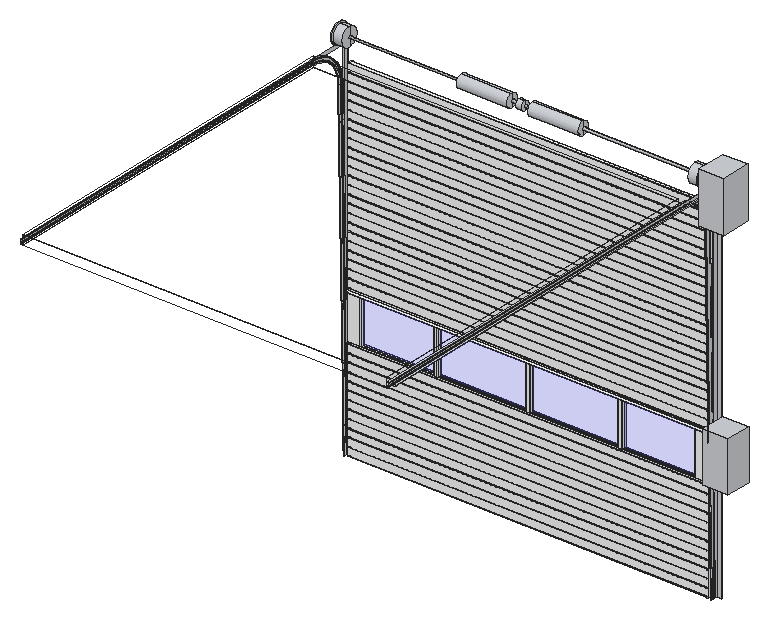
Revit family "EX3717 Complete Door - DraftA", category Doors, host Wall, Revit 2022
Family settings
  Host = Wall
  OmniClass Number = 23.30.10.17.37.14
  OmniClass Title = Sectional Overhead Doors
  Always vertical = Yes
  Cut with Voids When Loaded = No
  Shared = No
  Room Calculation Point = No
Parameters (values of type "By Type")
  Windload = "Doors available rated for various design pressures; consult Clopay for avaialbility and specifications"
  VisSection6 = NumSections = 6  # no
  VisSection5 = NumSections > 4  # yes
  VisSection4 = NumSections > 3  # yes
  VisSection3 = NumSections > 2  # yes
  VisArray = NumSections > 6  # yes
  URL = "www.clopaydoor.com"
  Track Type = Track - Standard Lift : 15" Radius
  Track = "Galvanized steel (gauge varies according to door size)"
  Thickness = 0' - 1 3/4"  # constant formula
  Spec Wizard = "http://www.arcat.com/specwizard/08360clo/index.htm"
  Section Height = Height / NumSections  # 2' - 0"
  Section 5 Glazing = Section : Solid
  Section 4 Glazing = Section : Solid
  Section 3 Glazing = Full Vision Section : Intermediate
  Sales Information = "http://www.clopaydoor.com/where-to-buy.aspx?type=dealer"
  Rough Width = 0' - 0"  # constant formula
  Rough Height = 0' - 0"  # constant formula
  R-Value = "15.05"
  Product Features and Benefits = "http://www.clopaydoor.com/insulated-polyurethane-applications.aspx"
  Overlapping Jamb = yes
  Overlap = if(Overlapping Jamb, 0' 1", 0' 0")  # 0' - 1"
  Opening Width = 14' - 2"
  Opening Height = 14' - 0"
  Opener - Right Side = yes
  Opener - Left Side = not([Opener - Right Side])  # no
  Omniclass Table = "23-30 10 17 37 "
  NumSectionsNotRounded = Height / 2' 0"  # 7
  NumSections = NumSectionsNotRounded + 0.4999  # 7
  NumArraySections = if(NumSections > 6, NumSections - 5, 2)  # 2
  Model = "3715"
  Minimum Size = "8' 0'' wide x 7' 0'' high"  # constant formula
  Maximum Size = "16' 2'' wide x 14' 0'' high"  # constant formula
  Maximum High Lift = "10' 0''"  # constant formula
  Manufacturer Website = "http://www.clopaydoor.com"
  Manufacturer Phone Number = "1-800-526-4301"
  Manufacturer Address = "1400 W. Market St., Troy, OH 45373"
  Manufacturer = "Clopay Building Products Company"
  LEED = "http://products.construction.com/swts_content_files/151607/303186.pdf"
  Keynote = "08 36 13"
  Interior Steel = "27 ga. galvanized, primed, and finish painted"
  High Lift = 4' - 0"
  Hardware = "14 ga. min. steel hinges; 10-ball steel rollers"
  GreenFormat = "http://www.greenformat.com/products/1536-Polyurethane%20Insulated%20Doors.rtf"
  Function = Interior
  Height = Opening Height + Rough Width * 0  # 14' - 0"
  Wall Closure = By host
  Width = Opening Width + Rough Width * 0  # 14' - 2"
  FloorToSection7 = 6 * Section Height  # 12' - 0"
  FloorToSection6 = 5 * Section Height  # 10' - 0"
  FloorToSection5 = 4 * Section Height  # 8' - 0"
  FloorToSection4 = 3 * Section Height  # 6' - 0"
  FloorToSection3 = 2 * Section Height  # 4' - 0"
  FloorToSection2 = Section Height  # 2' - 0"
  File Revision = "02 (August, 2012)"
  Exterior Steel = "27 ga. galvanized, primed, and finish painted"
  Double End Stiles = 1 = 1  # yes
  Door Width = Opening Width + Overlap * 2  # 14' - 4"
  Door Height = Opening Height + Rough Width * 0  # 14' - 0"
  Description = "1-3/8'' thick polyurethane insulated, stucco embossed 27 gauge steel exterior with light ribbed pattern."
  Core Material = "Expanded polyurethane"
  Copyright = "2010, Clopay Building Products Company, Inc."
  Control Box - Right Side = [Opener - Right Side]  # yes
  Control Box - Left Side = [Opener - Left Side]  # no
  Color = White
  CAD and Specifications = "http://www.clopaydoor.com/insulated-polyurethane-specs.aspx"
  Assembly Code = "B2030410"
Reference planes (in)
  plane 1 "Center (Front/Back)": y = 0
  plane 2 "Center (Left/Right)": x = 0
  plane 3 "Left": x = -85
  plane 4 "Right": x = 85
  plane 5 "Top": z = 168
  plane 6 "Exterior": y = 3
  plane 7 "Interior": y = -3
  plane 8: z = 120
  plane 9: z = 144
Lines and regions (in)
  Opening 1
    outline origin (-90, -3, 0) x (1, 0, 0) y (0, 0, 1)
      loop
        line (5, 0) -> (175, 0) -> (175, 168) -> (5, 168) -> (5, 0)
Text (in)
  text "Exterior" at (-74.96733, 27.31104, 0), in view "Ref. Level"
  text "Interior" at (-74.96733, -25.14366, 0), in view "Ref. Level"
  text "Exterior" at (0, 40.15149, 123.01588), in view "Right"
  text "Interior" at (0, -64.39139, 123.01588), in view "Right"
  text "Interior" at (0, -31.01599, 123.00693), in view "Left"
  text "Exterior" at (0, 54.57065, 123.00693), in view "Left"
Dimensions and locks (in)
  equal spacing: plane 3 "Left", plane 2 "Center (Left/Right)", plane 4 "Right"
  "Height": level to plane 5 "Top"
  "Width": plane 3 "Left" to plane 4 "Right"
  host wall to plane 5 "Top" = 14' - 0"
  nested 1 to plane 7 "Interior" = 0' - 0 1/2"
  "FloorToSection6": plane 8 to level
  "FloorToSection7": plane 9 to level
  group 1 to group 2 = 0' - 0"  (x2)
  group 1 to group 2 = 2' - 0"
  host wall to host wall = 67' - 6"
  aligned and locked: plane 3 "Left" to Opening 1 sketch curve
  aligned and locked: plane 5 "Top" to Opening 1 sketch curve
  aligned and locked: Opening 1 sketch curve to plane 5 "Top"
  aligned and locked: Opening 1 sketch curve to plane 4 "Right"
  aligned and locked: Opening 1 sketch curve to level
  aligned and locked: plane 6 "Exterior" to host wall
  aligned and locked: host wall to plane 7 "Interior"
  aligned and locked: plane 2 "Center (Left/Right)" to nested 2
  aligned and locked: plane 2 "Center (Left/Right)" to nested 3
  aligned and locked: plane 2 "Center (Left/Right)" to nested 4
  aligned and locked: plane 2 "Center (Left/Right)" to nested 5
  aligned and locked: plane 2 "Center (Left/Right)" to nested 7
  aligned and locked: nested 7 to plane 8
  aligned and locked: nested 8 to plane 9
  aligned and locked: plane 7 "Interior" to nested 2
  aligned and locked: plane 7 "Interior" to nested 7
  aligned and locked: host wall to nested 8
  aligned and locked: plane 7 "Interior" to nested 3
  aligned and locked: host wall to nested 3
  aligned and locked: plane 7 "Interior" to nested 1
  aligned and locked: nested 2 to host wall
  aligned and locked: plane 7 "Interior" to nested 6
  aligned and locked: plane 7 "Interior" to nested 5
  aligned and locked: host wall to nested 7
  aligned and locked: plane 7 "Interior" to nested 4
  aligned and locked: nested 11 to plane 2 "Center (Left/Right)"
Nested families (in)
  nested 1: "Section" at (0, 0, 0), type "Solid"
    with X9 0' - 8 1/2", X8 0' - 8 1/2", X7 0' - 8 1/2", X6 0' - 8 1/2", X5 0' - 8 1/2", X4 11' - 8 1/2", X3 8' - 0 1/2", X2 4' - 4 1/2", WindowVis no, WindowSpacing 3' - 8", WindowCutDepth -0' - 0 13/128", NumWindows 4, NumArrayedWindows 4, Half Door Width Neg -7' - 2", Half Door Width 7' - 2", Half Cutout Height 0' - 3 1/2", X1 0' - 8 1/2", Door Width 14' - 4", Cutout Height 0' - 7"
  nested 2: "Section" at (0, 0, 24), built-in parameter 1001364 <- "Section Height", type "Solid"
    with X9 0' - 8 1/2", X8 0' - 8 1/2", X7 0' - 8 1/2", X6 0' - 8 1/2", X5 0' - 8 1/2", X4 11' - 8 1/2", X3 8' - 0 1/2", X2 4' - 4 1/2", WindowVis no, WindowSpacing 3' - 8", WindowCutDepth -0' - 0 13/128", NumWindows 4, NumArrayedWindows 4, Half Door Width Neg -7' - 2", Half Door Width 7' - 2", Half Cutout Height 0' - 3 1/2", X1 0' - 8 1/2", Door Width 14' - 4", Cutout Height 0' - 7"
  nested 3: "Full Vision Section" at (0, 0, 48), type <- "Section 3 Glazing", built-in parameter 1001364 <- "FloorToSection3", visible <- "VisSection3", type "Intermediate"
    with SingleStileVis no, Rail Width 14' - 3 13/16", NumIntStiles 3, Half Rail Width 7' - 1 29/32", Half Door Width 7' - 2", Glass Width 14' - 2 13/16", End Stile Face 0' - 6", Edge to 1st Int Stile 3' - 6", Double End Stiles yes, Door Width 14' - 4", ArrayStileVis yes, ArrayIntStiles 3
  nested 4: "Section" at (0, 0, 120), built-in parameter 1001364 <- "FloorToSection6", visible <- "VisSection6", type "Solid"
    with X9 0' - 8 1/2", X8 0' - 8 1/2", X7 0' - 8 1/2", X6 0' - 8 1/2", X5 0' - 8 1/2", X4 11' - 8 1/2", X3 8' - 0 1/2", X2 4' - 4 1/2", WindowVis no, WindowSpacing 3' - 8", WindowCutDepth -0' - 0 13/128", NumWindows 4, NumArrayedWindows 4, Half Door Width Neg -7' - 2", Half Door Width 7' - 2", Half Cutout Height 0' - 3 1/2", X1 0' - 8 1/2", Door Width 14' - 4", Cutout Height 0' - 7"
  nested 5: "Section" at (0, 0, 96), built-in parameter 1001364 <- "FloorToSection5", type <- "Section 5 Glazing", visible <- "VisSection5", type "Solid"
    with X9 0' - 8 1/2", X8 0' - 8 1/2", X7 0' - 8 1/2", X6 0' - 8 1/2", X5 0' - 8 1/2", X4 11' - 8 1/2", X3 8' - 0 1/2", X2 4' - 4 1/2", WindowVis no, WindowSpacing 3' - 8", WindowCutDepth -0' - 0 13/128", NumWindows 4, NumArrayedWindows 4, Half Door Width Neg -7' - 2", Half Door Width 7' - 2", Half Cutout Height 0' - 3 1/2", X1 0' - 8 1/2", Door Width 14' - 4", Cutout Height 0' - 7"
  nested 6: "Section" at (0, 0, 72), type <- "Section 4 Glazing", built-in parameter 1001364 <- "FloorToSection4", visible <- "VisSection4", type "Solid"
    with X9 0' - 8 1/2", X8 0' - 8 1/2", X7 0' - 8 1/2", X6 0' - 8 1/2", X5 0' - 8 1/2", X4 11' - 8 1/2", X3 8' - 0 1/2", X2 4' - 4 1/2", WindowVis no, WindowSpacing 3' - 8", WindowCutDepth -0' - 0 13/128", NumWindows 4, NumArrayedWindows 4, Half Door Width Neg -7' - 2", Half Door Width 7' - 2", Half Cutout Height 0' - 3 1/2", X1 0' - 8 1/2", Door Width 14' - 4", Cutout Height 0' - 7"
  nested 7: "Section" at (0, 0, 120), visible <- "VisArray", type "Solid"
    with X9 0' - 8 1/2", X8 0' - 8 1/2", X7 0' - 8 1/2", X6 0' - 8 1/2", X5 0' - 8 1/2", X4 11' - 8 1/2", X3 8' - 0 1/2", X2 4' - 4 1/2", WindowVis no, WindowSpacing 3' - 8", WindowCutDepth -0' - 0 13/128", NumWindows 4, NumArrayedWindows 4, Half Door Width Neg -7' - 2", Half Door Width 7' - 2", Half Cutout Height 0' - 3 1/2", X1 0' - 8 1/2", Door Width 14' - 4", Cutout Height 0' - 7"
  nested 8: "Section" at (0, 0, 144), visible <- "VisArray", type "Solid"
    with X9 0' - 8 1/2", X8 0' - 8 1/2", X7 0' - 8 1/2", X6 0' - 8 1/2", X5 0' - 8 1/2", X4 11' - 8 1/2", X3 8' - 0 1/2", X2 4' - 4 1/2", WindowVis no, WindowSpacing 3' - 8", WindowCutDepth -0' - 0 13/128", NumWindows 4, NumArrayedWindows 4, Half Door Width Neg -7' - 2", Half Door Width 7' - 2", Half Cutout Height 0' - 3 1/2", X1 0' - 8 1/2", Door Width 14' - 4", Cutout Height 0' - 7"
  nested 9: "Section" at (0, 4.67704, 636.93806), type "Windows - 24x8", not visible
    with X9 0' - 8 1/2", X8 0' - 8 1/2", X7 0' - 8 1/2", X6 0' - 8 1/2", X5 0' - 8 1/2", X4 11' - 8 1/2", X3 8' - 0 1/2", X2 4' - 4 1/2", WindowSpacing 3' - 8", NumWindows 4, NumArrayedWindows 4, Half Door Width Neg -7' - 2", Half Door Width 7' - 2", Half Cutout Height 0' - 3 1/2", X1 0' - 8 1/2", Door Width 14' - 4", Cutout Height 0' - 7"
  nested 10: "Section" at (0, 4.63986, 609.3176), type "Windows - 24x12", not visible
    with X9 0' - 8 1/2", X8 0' - 8 1/2", X7 0' - 8 1/2", X6 0' - 8 1/2", X5 0' - 8 1/2", X4 11' - 8 1/2", X3 8' - 0 1/2", X2 4' - 4 1/2", WindowSpacing 3' - 8", NumWindows 4, NumArrayedWindows 4, Half Door Width Neg -7' - 2", Half Door Width 7' - 2", X1 0' - 8 1/2", Door Width 14' - 4"
  nested 11: "Track - Standard Lift" at (0, 0, 0) x (-1, 0, 0) z (0, 0, 1), type <- "Track Type", type "15" Radius"
    with TrackToTrack 14' - 6", Door Width 14' - 4", CenterToLHTrack 7' - 3", CenterToRHTrack -7' - 3", CenterToJackShaft 7' - 7"
Definition of nested family "Section"
  Parameters
    X9 = if(if(NumArrayedWindows < NumWindows, NumArrayedWindows + 1, NumWindows) < 9, X1, X8 + WindowSpacing)  # 0' - 4 1/2"
    X8 = if(if(NumArrayedWindows < NumWindows, NumArrayedWindows + 1, NumWindows) < 8, X1, X7 + WindowSpacing)  # 0' - 4 1/2"
    X7 = if(if(NumArrayedWindows < NumWindows, NumArrayedWindows + 1, NumWindows) < 7, X1, X6 + WindowSpacing)  # 0' - 4 1/2"
    X6 = if(if(NumArrayedWindows < NumWindows, NumArrayedWindows + 1, NumWindows) < 6, X1, X5 + WindowSpacing)  # 0' - 4 1/2"
    X5 = if(if(NumArrayedWindows < NumWindows, NumArrayedWindows + 1, NumWindows) < 5, X1, X4 + WindowSpacing)  # 0' - 4 1/2"
    X4 = if(if(NumArrayedWindows < NumWindows, NumArrayedWindows + 1, NumWindows) < 4, X1, X3 + WindowSpacing)  # 0' - 4 1/2"
    X3 = if(NumWindows < 3, X1, X2 + WindowSpacing)  # 7' - 0 1/2"
    X2 = if(NumWindows < 2, ((Door Width - (NumWindows - 1) * WindowSpacing) / 2 - Cutout Width / 2), ((Door Width - (NumWindows - 1) * WindowSpacing) / 2 - Cutout Width / 2) + WindowSpacing)  # 3' - 8 1/2"
    Windows = 37xx Window Array : 24x12
    WindowVis = yes
    WindowSpacing = if(and(Door Width < 10' 0", Door Width > 9' 2"), 3' 4", 3' 8")  # 3' - 4"
    WindowCutDepth = 0' - 2"
    Section Height = 2' - 0"
    RibSpacing = Section Height / (NumRibs + 1)  # 0' - 4"
    NumWindows = if(Door Width < 9' 4", 2, if(Door Width < 13' 4", 3, if(Door Width < 16' 4", 4, if(Door Width < 20' 4", 5, if(Door Width < 24' 4", 6, if(Door Width < 26' 4", 7, if(Door Width < 31' 8", 8, 10)))))))  # 3
    NumRibs = if(Section Height < 1' 9", 3, if(Section Height < 2' 0", 4, 5))  # 5
    NumArrayedWindows = if(X2 = X1, NumWindows - 2, NumWindows)  # 3
    Half Section Height = Section Height / 2  # 1' - 0"
    Half Door Width Neg = -Half Door Width  # -4' - 8"
    Half Door Width = Door Width / 2  # 4' - 8"
    Half Cutout Height = Cutout Height / 2  # 0' - 5 1/2"
    Function = (empty or 0)
    Height = 0' - 0"
    Wall Closure = (empty or 0)
    Width = 0' - 0"
    X1 = if(or(Door Width > 31' 6", and(Door Width > 26' 2", Door Width < 28' 1"), Door Width = 24' 3", Door Width = 24' 4", and(Door Width > 20' 2", Door Width < 20' 11"), and(Door Width > 16' 2", Door Width < 17' 3")), X2, (Door Width - (NumWindows - 1) * WindowSpacing) / 2 - Cutout Width / 2)  # 0' - 4 1/2"
    Door Width = 9' - 4"
    CutoutToCutout = 1' - 0"
    Cutout Width = 1' - 11"
    Cutout Height = 0' - 11"
    Color = none
    BtmTo1stRib = RibSpacing  # 0' - 4"
    Assembly Code = ""
  Reference planes (in)
    plane 1 "Center (Front/Back)": y = 0
    plane 2 "Center (Left/Right)": x = 0
    plane 3 "Exterior": y = 3
    plane 4 "Interior": y = -3
    plane 5: y = -3.5
    plane 6: x = 56
    plane 7: x = -56
    plane 8: z = 4
    plane 9: z = 8
    plane 10: z = 24
    plane 11: z = 12
    plane 12: z = 0
  Forms (in)
    Extrusion 1, solid, material <- "Color"
      sketch origin (-56, -12, 83.08252) x (0, 0, 1) y (0, -1, 0)
        loop
          line (-59.08252, -8.37573) -> (-59.08252, -6.62444)
          arc (-59.08252, -6.62444) -> (-59.11897, -6.53645) -> (-59.20696, -6.5) r 0.12444
          line (-59.20696, -6.5) -> (-82.95809, -6.5)
          arc (-82.95809, -6.5) -> (-83.04608, -6.53645) -> (-83.08252, -6.62444) r 0.12444
          line (-83.08252, -6.62444) -> (-83.08252, -8.37573)
          arc (-83.08252, -8.37573) -> (-83.04612, -8.4636) -> (-82.95825, -8.5) r 0.12427
          line (-82.95825, -8.5) -> (-59.20679, -8.5)
          arc (-59.20679, -8.5) -> (-59.11892, -8.4636) -> (-59.08252, -8.37573) r 0.12427
      from 0 to 112 <- "Door Width"
    Extrusion 2, void
      sketch origin (0, 0, -0.5) x (0, -1, 0) y (0, 0, 1)
        loop
          line (3.5, 4.62727) -> (3.5, 4.37273) -> (3.53032, 4.41942)
          arc (3.53032, 4.41942) -> (3.53753, 4.43506) -> (3.54, 4.4521) r 0.06
          line (3.54, 4.4521) -> (3.54, 4.5479)
          arc (3.54, 4.5479) -> (3.53753, 4.56494) -> (3.53032, 4.58058) r 0.06
          line (3.53032, 4.58058) -> (3.5, 4.62727)
      from -56 <- "Half Door Width Neg" to 112 <- "Door Width"
    Extrusion 3, void
      sketch origin (0, 0, 3.5) x (0, -1, 0) y (0, 0, 1)
        loop
          line (3.5, 4.62727) -> (3.5, 4.37273) -> (3.53032, 4.41942)
          arc (3.53032, 4.41942) -> (3.53753, 4.43506) -> (3.54, 4.4521) r 0.06
          line (3.54, 4.4521) -> (3.54, 4.5479)
          arc (3.54, 4.5479) -> (3.53753, 4.56494) -> (3.53032, 4.58058) r 0.06
          line (3.53032, 4.58058) -> (3.5, 4.62727)
      from -56 <- "Half Door Width Neg" to 112 <- "Door Width"
    Extrusion 4, void
      sketch origin (0, 0, 7.5) x (0, -1, 0) y (0, 0, 1)
        loop
          line (3.5, 4.62727) -> (3.5, 4.37273) -> (3.53032, 4.41942)
          arc (3.53032, 4.41942) -> (3.53753, 4.43506) -> (3.54, 4.4521) r 0.06
          line (3.54, 4.4521) -> (3.54, 4.5479)
          arc (3.54, 4.5479) -> (3.53753, 4.56494) -> (3.53032, 4.58058) r 0.06
          line (3.53032, 4.58058) -> (3.5, 4.62727)
      from -56 <- "Half Door Width Neg" to 112 <- "Door Width"
    Extrusion 5, void
      sketch origin (0, -8.99984, -0.5) x (0, 1, 0) y (0, 0, -1)
        loop
          line (3.5, -4.62727) -> (3.53032, -4.58058)
          arc (3.53032, -4.58058) -> (3.53753, -4.56494) -> (3.54, -4.5479) r 0.06
          line (3.54, -4.5479) -> (3.54, -4.4521)
          arc (3.54, -4.4521) -> (3.53753, -4.43506) -> (3.53032, -4.41942) r 0.06
          line (3.53032, -4.41942) -> (3.5, -4.37273) -> (3.5, -4.62727)
      from -56 <- "Half Door Width Neg" to 112 <- "Door Width"
    Extrusion 6, void
      sketch origin (0, -8.99984, 3.5) x (0, 1, 0) y (0, 0, -1)
        loop
          line (3.5, -4.62727) -> (3.53032, -4.58058)
          arc (3.53032, -4.58058) -> (3.53753, -4.56494) -> (3.54, -4.5479) r 0.06
          line (3.54, -4.5479) -> (3.54, -4.4521)
          arc (3.54, -4.4521) -> (3.53753, -4.43506) -> (3.53032, -4.41942) r 0.06
          line (3.53032, -4.41942) -> (3.5, -4.37273) -> (3.5, -4.62727)
      from -56 <- "Half Door Width Neg" to 112 <- "Door Width"
    Extrusion 7, void
      sketch origin (0, -8.99984, 7.5) x (0, 1, 0) y (0, 0, -1)
        loop
          line (3.5, -4.62727) -> (3.53032, -4.58058)
          arc (3.53032, -4.58058) -> (3.53753, -4.56494) -> (3.54, -4.5479) r 0.06
          line (3.54, -4.5479) -> (3.54, -4.4521)
          arc (3.54, -4.4521) -> (3.53753, -4.43506) -> (3.53032, -4.41942) r 0.06
          line (3.53032, -4.41942) -> (3.5, -4.37273) -> (3.5, -4.62727)
      from -56 <- "Half Door Width Neg" to 112 <- "Door Width"
    Extrusion 8, void
      sketch origin (-98.15385, -3.5, 48) x (1, 0, 0) y (0, 0, 1)
        loop
          line (149.65385, -30.5) -> (126.65385, -30.5) -> (126.65385, -36) -> (149.65385, -36) -> (149.65385, -30.5)
      from 0 to 2 <- "WindowCutDepth"
    Extrusion 9, void
      sketch origin (-98.15385, -3.5, -24) x (1, 0, 0) y (0, 0, 1)
        loop
          line (149.65385, 30.5) -> (149.65385, 36) -> (126.65385, 36) -> (126.65385, 30.5) -> (149.65385, 30.5)
      from 0 to 2 <- "WindowCutDepth"
    Extrusion 10, void
      sketch origin (-136.15385, -3.5, 48) x (1, 0, 0) y (0, 0, 1)
        loop
          line (147.65385, -30.5) -> (124.65385, -30.5) -> (124.65385, -36) -> (147.65385, -36) -> (147.65385, -30.5)
      from 0 to 2 <- "WindowCutDepth"
    Extrusion 11, void
      sketch origin (-136.15385, -3.5, -24) x (1, 0, 0) y (0, 0, 1)
        loop
          line (147.65385, 30.5) -> (147.65385, 36) -> (124.65385, 36) -> (124.65385, 30.5) -> (147.65385, 30.5)
      from 0 to 2 <- "WindowCutDepth"
    Extrusion 12, void
      sketch origin (-171.15385, -3.5, 48) x (1, 0, 0) y (0, 0, 1)
        loop
          line (142.65385, -30.5) -> (119.65385, -30.5) -> (119.65385, -36) -> (142.65385, -36) -> (142.65385, -30.5)
      from 0 to 2 <- "WindowCutDepth"
    Extrusion 13, void
      sketch origin (-171.15385, -3.5, -24) x (1, 0, 0) y (0, 0, 1)
        loop
          line (142.65385, 30.5) -> (142.65385, 36) -> (119.65385, 36) -> (119.65385, 30.5) -> (142.65385, 30.5)
      from 0 to 2 <- "WindowCutDepth"
    Extrusion 14, void
      sketch origin (-214.15385, -3.5, 48) x (1, 0, 0) y (0, 0, 1)
        loop
          line (265.65385, -30.5) -> (242.65385, -30.5) -> (242.65385, -36) -> (265.65385, -36) -> (265.65385, -30.5)
      from 0 to 2 <- "WindowCutDepth"
    Extrusion 15, void
      sketch origin (-214.15385, -3.5, -24) x (1, 0, 0) y (0, 0, 1)
        loop
          line (265.65385, 30.5) -> (265.65385, 36) -> (242.65385, 36) -> (242.65385, 30.5) -> (265.65385, 30.5)
      from 0 to 2 <- "WindowCutDepth"
    Extrusion 16, void
      sketch origin (-256.15385, -3.5, 48) x (1, 0, 0) y (0, 0, 1)
        loop
          line (307.65385, -30.5) -> (284.65385, -30.5) -> (284.65385, -36) -> (307.65385, -36) -> (307.65385, -30.5)
      from 0 to 2 <- "WindowCutDepth"
    Extrusion 17, void
      sketch origin (-256.15385, -3.5, -24) x (1, 0, 0) y (0, 0, 1)
        loop
          line (307.65385, 30.5) -> (307.65385, 36) -> (284.65385, 36) -> (284.65385, 30.5) -> (307.65385, 30.5)
      from 0 to 2 <- "WindowCutDepth"
    Extrusion 18, void
      sketch origin (-294.15385, -3.5, 48) x (1, 0, 0) y (0, 0, 1)
        loop
          line (345.65385, -30.5) -> (322.65385, -30.5) -> (322.65385, -36) -> (345.65385, -36) -> (345.65385, -30.5)
      from 0 to 2 <- "WindowCutDepth"
    Extrusion 19, void
      sketch origin (-294.15385, -3.5, -24) x (1, 0, 0) y (0, 0, 1)
        loop
          line (345.65385, 30.5) -> (345.65385, 36) -> (322.65385, 36) -> (322.65385, 30.5) -> (345.65385, 30.5)
      from 0 to 2 <- "WindowCutDepth"
    Extrusion 20, void
      sketch origin (-331.15385, -3.5, 48) x (1, 0, 0) y (0, 0, 1)
        loop
          line (382.65385, -30.5) -> (359.65385, -30.5) -> (359.65385, -36) -> (382.65385, -36) -> (382.65385, -30.5)
      from 0 to 2 <- "WindowCutDepth"
    Extrusion 21, void
      sketch origin (-331.15385, -3.5, -24) x (1, 0, 0) y (0, 0, 1)
        loop
          line (382.65385, 30.5) -> (382.65385, 36) -> (359.65385, 36) -> (359.65385, 30.5) -> (382.65385, 30.5)
      from 0 to 2 <- "WindowCutDepth"
    Extrusion 22, void
      sketch origin (-368.15385, -3.5, 48) x (1, 0, 0) y (0, 0, 1)
        loop
          line (419.65385, -30.5) -> (396.65385, -30.5) -> (396.65385, -36) -> (419.65385, -36) -> (419.65385, -30.5)
      from 0 to 2 <- "WindowCutDepth"
    Extrusion 23, void
      sketch origin (-368.15385, -3.5, -24) x (1, 0, 0) y (0, 0, 1)
        loop
          line (419.65385, 30.5) -> (419.65385, 36) -> (396.65385, 36) -> (396.65385, 30.5) -> (419.65385, 30.5)
      from 0 to 2 <- "WindowCutDepth"
    Extrusion 24, void
      sketch origin (-407.15385, -3.5, 48) x (1, 0, 0) y (0, 0, 1)
        loop
          line (458.65385, -30.5) -> (435.65385, -30.5) -> (435.65385, -36) -> (458.65385, -36) -> (458.65385, -30.5)
      from 0 to 2 <- "WindowCutDepth"
    Extrusion 25, void
      sketch origin (-407.15385, -3.5, -24) x (1, 0, 0) y (0, 0, 1)
        loop
          line (458.65385, 30.5) -> (458.65385, 36) -> (435.65385, 36) -> (435.65385, 30.5) -> (458.65385, 30.5)
      from 0 to 2 <- "WindowCutDepth"
    Extrusion 26, void
      sketch origin (0, 0, 11.5) x (0, -1, 0) y (0, 0, 1)
        loop
          line (3.5, 4.62727) -> (3.5, 4.37273) -> (3.53032, 4.41942)
          arc (3.53032, 4.41942) -> (3.53753, 4.43506) -> (3.54, 4.4521) r 0.06
          line (3.54, 4.4521) -> (3.54, 4.5479)
          arc (3.54, 4.5479) -> (3.53753, 4.56494) -> (3.53032, 4.58058) r 0.06
          line (3.53032, 4.58058) -> (3.5, 4.62727)
      from -56 <- "Half Door Width Neg" to 112 <- "Door Width"
    Extrusion 27, void
      sketch origin (0, -8.99984, 11.5) x (0, 1, 0) y (0, 0, -1)
        loop
          line (3.5, -4.62727) -> (3.53032, -4.58058)
          arc (3.53032, -4.58058) -> (3.53753, -4.56494) -> (3.54, -4.5479) r 0.06
          line (3.54, -4.5479) -> (3.54, -4.4521)
          arc (3.54, -4.4521) -> (3.53753, -4.43506) -> (3.53032, -4.41942) r 0.06
          line (3.53032, -4.41942) -> (3.5, -4.37273) -> (3.5, -4.62727)
      from -56 <- "Half Door Width Neg" to 112 <- "Door Width"
    Extrusion 28, void
      sketch origin (0, 0, 15.5) x (0, -1, 0) y (0, 0, 1)
        loop
          line (3.5, 4.62727) -> (3.5, 4.37273) -> (3.53032, 4.41942)
          arc (3.53032, 4.41942) -> (3.53753, 4.43506) -> (3.54, 4.4521) r 0.06
          line (3.54, 4.4521) -> (3.54, 4.5479)
          arc (3.54, 4.5479) -> (3.53753, 4.56494) -> (3.53032, 4.58058) r 0.06
          line (3.53032, 4.58058) -> (3.5, 4.62727)
      from -56 <- "Half Door Width Neg" to 112 <- "Door Width"
    Extrusion 29, void
      sketch origin (0, -8.99984, 15.5) x (0, 1, 0) y (0, 0, -1)
        loop
          line (3.5, -4.62727) -> (3.53032, -4.58058)
          arc (3.53032, -4.58058) -> (3.53753, -4.56494) -> (3.54, -4.5479) r 0.06
          line (3.54, -4.5479) -> (3.54, -4.4521)
          arc (3.54, -4.4521) -> (3.53753, -4.43506) -> (3.53032, -4.41942) r 0.06
          line (3.53032, -4.41942) -> (3.5, -4.37273) -> (3.5, -4.62727)
      from -56 <- "Half Door Width Neg" to 112 <- "Door Width"
  Cuts and joins
    Extrusion 2, Extrusion 3, Extrusion 4, Extrusion 5, Extrusion 6, Extrusion 7, Extrusion 8, Extrusion 9, Extrusion 10, Extrusion 11, Extrusion 12, Extrusion 13, Extrusion 14, Extrusion 15, Extrusion 16, Extrusion 17, Extrusion 18, Extrusion 19, Extrusion 20, Extrusion 21, Extrusion 22, Extrusion 23, Extrusion 24, Extrusion 25, Extrusion 26, Extrusion 27, Extrusion 28, Extrusion 29 cuts Extrusion 1
  Lines and regions (in)
    reference lines
      curve 1: line (-72, -3.54, 4) -> (-72, -3.5, 4)
      curve 2: line (-72, -5.45984, 4) -> (-72, -5.49984, 4)
      curve 3: line (-72, -3.54, 8) -> (-72, -3.5, 8)
      curve 4: line (-72, -3.54, 12) -> (-72, -3.5, 12)
      curve 5: line (-72, -5.45984, 4) -> (-72, -5.49984, 4)
      curve 6: line (-72, -5.45984, 8) -> (-72, -5.49984, 8)
      curve 7: line (-72, -5.45984, 12) -> (-72, -5.49984, 12)
      curve 8: line (-72, -3.54, 16) -> (-72, -3.5, 16)
      curve 9: line (-72, -5.45984, 16) -> (-72, -5.49984, 16)
      curve 10: line (-72, -3.54, 20) -> (-72, -3.5, 20)
      curve 11: line (-72, -5.45984, 20) -> (-72, -5.49984, 20)
  Text (in)
    text "Exterior" at (-74.96733, 27.31104, 0), in view "Ref. Level"
    text "Interior" at (-74.96733, -25.14366, 0), in view "Ref. Level"
    text "Exterior" at (0, 40.15149, 123.01588), in view "Right"
    text "Interior" at (0, -64.39139, 123.01588), in view "Right"
    text "Interior" at (0, -31.01599, 123.00693), in view "Left"
    text "Exterior" at (0, 54.57065, 123.00693), in view "Left"
  Dimensions and locks (in)
    plane 4 "Interior" to plane 5 = 0' - 0 1/2"
    "Half Door Width": plane 2 "Center (Left/Right)" to plane 7
    "Half Door Width": plane 6 to plane 2 "Center (Left/Right)"
    Extrusion 1 sketch curve to Extrusion 1 sketch curve = 0' - 2"
    Extrusion 2 sketch curve to Extrusion 2 sketch curve = 0' - 0.25454"
    Extrusion 2 sketch curve to Extrusion 2 sketch curve = 0' - 0.04"  (x2)
    "BtmTo1stRib": plane 8 to level
    curve 1 to Extrusion 2 sketch curve = 0' - 0.12727"
    "RibSpacing": plane 9 to plane 8
    "Section Height": plane 10 to level
    Extrusion 3 sketch curve to Extrusion 3 sketch curve = 0' - 0.25454"
    Extrusion 3 sketch curve to Extrusion 3 sketch curve = 0' - 0.04"  (x2)
    curve 3 to Extrusion 3 sketch curve = 0' - 0.12727"
    equal spacing: group 1, group 2, group 3, group 4, group 5  (x3)
    Extrusion 4 sketch curve to Extrusion 4 sketch curve = 0' - 0.25454"
    Extrusion 4 sketch curve to Extrusion 4 sketch curve = 0' - 0.04"  (x2)
    curve 4 to Extrusion 4 sketch curve = 0' - 0.12727"
    Extrusion 5 sketch curve to Extrusion 5 sketch curve = 0' - 0.25454"
    Extrusion 5 sketch curve to Extrusion 5 sketch curve = 0' - 0.04"  (x2)
    Extrusion 5 sketch curve to curve 5 = 0' - 0.12727"
    Extrusion 6 sketch curve to Extrusion 6 sketch curve = 0' - 0.25454"
    Extrusion 6 sketch curve to Extrusion 6 sketch curve = 0' - 0.04"  (x2)
    Extrusion 6 sketch curve to curve 6 = 0' - 0.12727"
    Extrusion 7 sketch curve to Extrusion 7 sketch curve = 0' - 0.25454"
    Extrusion 7 sketch curve to Extrusion 7 sketch curve = 0' - 0.04"  (x2)
    Extrusion 7 sketch curve to curve 7 = 0' - 0.12727"
    "Half Section Height": level to plane 11
    "Cutout Width": Extrusion 8 sketch curve to Extrusion 8 sketch curve
    "Half Cutout Height": Extrusion 8 sketch curve to Extrusion 8 sketch curve
    "Cutout Width": Extrusion 9 sketch curve to Extrusion 9 sketch curve
    "Half Cutout Height": Extrusion 9 sketch curve to Extrusion 9 sketch curve
    "X1": cut or joined group 1 (Extrusion 1, Extrusion 2, Extrusion 3, Extrusion 4, Extrusion 5, Extrusion 6, Extrusion 7, Extrusion 8, Extrusion 9, Extrusion 10, Extrusion 11, Extrusion 12, Extrusion 13, Extrusion 14, Extrusion 15, Extrusion 16, Extrusion 17, Extrusion 18, Extrusion 19, Extrusion 20, Extrusion 21, Extrusion 22, Extrusion 23, Extrusion 24, Extrusion 25, Extrusion 26, Extrusion 27, Extrusion 28, Extrusion 29) to cut or joined group 1
    "Cutout Width": Extrusion 10 sketch curve to Extrusion 10 sketch curve
    "Half Cutout Height": Extrusion 10 sketch curve to Extrusion 10 sketch curve
    "Cutout Width": Extrusion 11 sketch curve to Extrusion 11 sketch curve
    "Half Cutout Height": Extrusion 11 sketch curve to Extrusion 11 sketch curve
    "Cutout Width": Extrusion 12 sketch curve to Extrusion 12 sketch curve
    "Half Cutout Height": Extrusion 12 sketch curve to Extrusion 12 sketch curve
    "Cutout Width": Extrusion 13 sketch curve to Extrusion 13 sketch curve
    "Half Cutout Height": Extrusion 13 sketch curve to Extrusion 13 sketch curve
    "X2": plane 6 to cut or joined group 1
    "X3": plane 6 to cut or joined group 1
    "Cutout Width": Extrusion 14 sketch curve to Extrusion 14 sketch curve
    "Half Cutout Height": Extrusion 14 sketch curve to Extrusion 14 sketch curve
    "Cutout Width": Extrusion 15 sketch curve to Extrusion 15 sketch curve
    "Half Cutout Height": Extrusion 15 sketch curve to Extrusion 15 sketch curve
    "Cutout Width": Extrusion 16 sketch curve to Extrusion 16 sketch curve
    "Half Cutout Height": Extrusion 16 sketch curve to Extrusion 16 sketch curve
    "Cutout Width": Extrusion 17 sketch curve to Extrusion 17 sketch curve
    "Half Cutout Height": Extrusion 17 sketch curve to Extrusion 17 sketch curve
    "Cutout Width": Extrusion 18 sketch curve to Extrusion 18 sketch curve
    "Half Cutout Height": Extrusion 18 sketch curve to Extrusion 18 sketch curve
    "Cutout Width": Extrusion 19 sketch curve to Extrusion 19 sketch curve
    "Half Cutout Height": Extrusion 19 sketch curve to Extrusion 19 sketch curve
    "Cutout Width": Extrusion 20 sketch curve to Extrusion 20 sketch curve
    "Half Cutout Height": Extrusion 20 sketch curve to Extrusion 20 sketch curve
    "Cutout Width": Extrusion 21 sketch curve to Extrusion 21 sketch curve
    "Half Cutout Height": Extrusion 21 sketch curve to Extrusion 21 sketch curve
    "Cutout Width": Extrusion 22 sketch curve to Extrusion 22 sketch curve
    "Half Cutout Height": Extrusion 22 sketch curve to Extrusion 22 sketch curve
    "Cutout Width": Extrusion 23 sketch curve to Extrusion 23 sketch curve
    "Half Cutout Height": Extrusion 23 sketch curve to Extrusion 23 sketch curve
    "Cutout Width": Extrusion 24 sketch curve to Extrusion 24 sketch curve
    "Half Cutout Height": Extrusion 24 sketch curve to Extrusion 24 sketch curve
    "Cutout Width": Extrusion 25 sketch curve to Extrusion 25 sketch curve
    "Half Cutout Height": Extrusion 25 sketch curve to Extrusion 25 sketch curve
    "X4": plane 6 to cut or joined group 1
    "X5": plane 6 to cut or joined group 1
    "X6": plane 6 to cut or joined group 1
    "X7": plane 6 to cut or joined group 1
    "X8": plane 6 to cut or joined group 1
    "X9": plane 6 to cut or joined group 1
    locked: nested 1 to cut or joined group 1 at 1  (x2)
    locked: nested 1 to cut or joined group 1 at 0.125
    Extrusion 26 sketch curve to Extrusion 26 sketch curve = 0' - 0.25454"
    Extrusion 26 sketch curve to Extrusion 26 sketch curve = 0' - 0.04"  (x2)
    curve 8 to Extrusion 26 sketch curve = 0' - 0.12727"
    Extrusion 27 sketch curve to Extrusion 27 sketch curve = 0' - 0.25454"
    Extrusion 27 sketch curve to Extrusion 27 sketch curve = 0' - 0.04"  (x2)
    Extrusion 27 sketch curve to curve 9 = 0' - 0.12727"
    Extrusion 28 sketch curve to Extrusion 28 sketch curve = 0' - 0.25454"
    Extrusion 28 sketch curve to Extrusion 28 sketch curve = 0' - 0.04"  (x2)
    curve 10 to Extrusion 28 sketch curve = 0' - 0.12727"
    Extrusion 29 sketch curve to Extrusion 29 sketch curve = 0' - 0.25454"
    Extrusion 29 sketch curve to Extrusion 29 sketch curve = 0' - 0.04"  (x2)
    Extrusion 29 sketch curve to curve 11 = 0' - 0.12727"
    locked: plane 4 "Interior" to cut or joined group 1 at 0.5
    radius of Extrusion 1 sketch curve = 0' - 0.12427"  (x2)
    radius of Extrusion 1 sketch curve = 0' - 0.12444"  (x2)
    angle Extrusion 2 sketch curve to Extrusion 2 sketch curve = 147.00°  (x2)
    angle Extrusion 3 sketch curve to Extrusion 3 sketch curve = 147.00°  (x2)
    angle Extrusion 4 sketch curve to Extrusion 4 sketch curve = 147.00°  (x2)
    angle Extrusion 5 sketch curve to Extrusion 5 sketch curve = 147.00°  (x2)
    angle Extrusion 6 sketch curve to Extrusion 6 sketch curve = 147.00°  (x2)
    angle Extrusion 7 sketch curve to Extrusion 7 sketch curve = 147.00°  (x2)
    angle Extrusion 26 sketch curve to Extrusion 26 sketch curve = 147.00°  (x2)
    angle Extrusion 27 sketch curve to Extrusion 27 sketch curve = 147.00°  (x2)
    angle Extrusion 28 sketch curve to Extrusion 28 sketch curve = 147.00°  (x2)
    angle Extrusion 29 sketch curve to Extrusion 29 sketch curve = 147.00°  (x2)
    aligned and locked: Extrusion 1 sketch curve to plane 5
    aligned and locked: plane 8 to curve 1
    aligned and locked: plane 9 to curve 3
    aligned and locked: Extrusion 8 sketch curve to plane 11
    aligned and locked: plane 11 to Extrusion 9 sketch curve
    aligned and locked: cut or joined group 1 to cut or joined group 1  (x9)
    aligned and locked: plane 12 to level
  Automatic sketch dimensions
    curve 2 to curve 1 = 0' - 1.91984"
    curve 1 to curve 1 = 0' - 0.04"  (x2)
    curve 1 to curve 2 = 0' - 1.91984"
    curve 2 to curve 2 = 0' - 0.04"  (x2)
    Extrusion 2 sketch curve to Extrusion 2 sketch curve = 0' - 0"
    Extrusion 2 sketch curve to Extrusion 2 sketch curve = 0' - 0.02"
    Extrusion 2 sketch curve to Extrusion 2 sketch curve = 0' - 0.00968"  (x2)
    curve 5 to curve 1 = 0' - 0"
    curve 1 to curve 5 = 0' - 1.91984"
    curve 5 to curve 5 = 0' - 0.04"
    Extrusion 5 sketch curve to Extrusion 5 sketch curve = 0' - 0"
    Extrusion 5 sketch curve to Extrusion 5 sketch curve = 0' - 0.02"
    Extrusion 5 sketch curve to Extrusion 5 sketch curve = 0' - 0.00968"  (x2)
    Extrusion 3 sketch curve to Extrusion 3 sketch curve = 0' - 0"
    Extrusion 3 sketch curve to Extrusion 3 sketch curve = 0' - 0.02"
    Extrusion 3 sketch curve to Extrusion 3 sketch curve = 0' - 0.00968"  (x2)
    curve 6 to curve 3 = 0' - 0"
    curve 3 to curve 3 = 0' - 0.04"
    curve 3 to curve 6 = 0' - 1.91984"
    curve 6 to curve 6 = 0' - 0.04"
    Extrusion 4 sketch curve to Extrusion 4 sketch curve = 0' - 0"
    Extrusion 4 sketch curve to Extrusion 4 sketch curve = 0' - 0.02"
    Extrusion 4 sketch curve to Extrusion 4 sketch curve = 0' - 0.00968"  (x2)
    curve 7 to curve 4 = 0' - 0"
    curve 4 to curve 4 = 0' - 0.04"
    curve 4 to curve 7 = 0' - 1.91984"
    curve 7 to curve 7 = 0' - 0.04"
    Extrusion 7 sketch curve to Extrusion 7 sketch curve = 0' - 0.00968"
    Extrusion 6 sketch curve to Extrusion 6 sketch curve = 0' - 0.00968"
    curve 2 to plane 8 = 0' - 0"
    curve 2 to plane 5 = 0' - 1.95984"
    Extrusion 8 sketch curve to plane 6 = 2' - 3 1/2"
    Extrusion 9 sketch curve to plane 6 = 2' - 3 1/2"
    Extrusion 10 sketch curve to plane 11 = 0' - 0"
    Extrusion 10 sketch curve to plane 6 = 5' - 7 1/2"
    Extrusion 11 sketch curve to plane 11 = 0' - 0"
    Extrusion 11 sketch curve to plane 6 = 5' - 7 1/2"
    Extrusion 12 sketch curve to plane 11 = 0' - 0"
    Extrusion 12 sketch curve to plane 6 = 8' - 11 1/2"
    Extrusion 13 sketch curve to plane 11 = 0' - 0"
    Extrusion 13 sketch curve to plane 6 = 8' - 11 1/2"
    Extrusion 14 sketch curve to plane 11 = 0' - 0"
    plane 2 "Center (Left/Right)" to Extrusion 14 sketch curve = 2' - 4 1/2"
    Extrusion 15 sketch curve to plane 11 = 0' - 0"
    plane 2 "Center (Left/Right)" to Extrusion 15 sketch curve = 2' - 4 1/2"
    Extrusion 16 sketch curve to plane 11 = 0' - 0"
    plane 2 "Center (Left/Right)" to Extrusion 16 sketch curve = 2' - 4 1/2"
    Extrusion 17 sketch curve to plane 11 = 0' - 0"
    plane 2 "Center (Left/Right)" to Extrusion 17 sketch curve = 2' - 4 1/2"
    Extrusion 18 sketch curve to plane 11 = 0' - 0"
    plane 2 "Center (Left/Right)" to Extrusion 18 sketch curve = 2' - 4 1/2"
    Extrusion 19 sketch curve to plane 11 = 0' - 0"
    plane 2 "Center (Left/Right)" to Extrusion 19 sketch curve = 2' - 4 1/2"
    Extrusion 20 sketch curve to plane 11 = 0' - 0"
    plane 2 "Center (Left/Right)" to Extrusion 20 sketch curve = 2' - 4 1/2"
    Extrusion 21 sketch curve to plane 11 = 0' - 0"
    plane 2 "Center (Left/Right)" to Extrusion 21 sketch curve = 2' - 4 1/2"
    Extrusion 22 sketch curve to plane 11 = 0' - 0"
    plane 7 to Extrusion 22 sketch curve = 7' - 0 1/2"
    Extrusion 23 sketch curve to plane 11 = 0' - 0"
    plane 7 to Extrusion 23 sketch curve = 7' - 0 1/2"
    Extrusion 24 sketch curve to plane 11 = 0' - 0"
    plane 7 to Extrusion 24 sketch curve = 7' - 0 1/2"
    Extrusion 25 sketch curve to plane 11 = 0' - 0"
    plane 7 to Extrusion 25 sketch curve = 7' - 0 1/2"
    Extrusion 1 sketch curve to plane 10 = 0' - 0"
    Extrusion 1 sketch curve to level = 0' - 0"
    Extrusion 26 sketch curve to Extrusion 26 sketch curve = 0' - 0"
    Extrusion 26 sketch curve to Extrusion 26 sketch curve = 0' - 0.02"
    Extrusion 26 sketch curve to Extrusion 26 sketch curve = 0' - 0.00968"  (x2)
    curve 9 to curve 8 = 0' - 0"
    curve 8 to curve 8 = 0' - 0.04"
    curve 8 to curve 9 = 0' - 1.91984"
    curve 9 to curve 9 = 0' - 0.04"
    Extrusion 27 sketch curve to Extrusion 27 sketch curve = 0' - 0"
    Extrusion 27 sketch curve to Extrusion 27 sketch curve = 0' - 0.02"
    Extrusion 27 sketch curve to Extrusion 27 sketch curve = 0' - 0.00968"  (x2)
    Extrusion 28 sketch curve to Extrusion 28 sketch curve = 0' - 0"
    Extrusion 28 sketch curve to Extrusion 28 sketch curve = 0' - 0.02"
    Extrusion 28 sketch curve to Extrusion 28 sketch curve = 0' - 0.00968"  (x2)
    curve 11 to curve 10 = 0' - 0"
    curve 10 to curve 10 = 0' - 0.04"
    curve 10 to curve 11 = 0' - 1.91984"
    curve 11 to curve 11 = 0' - 0.04"
    Extrusion 29 sketch curve to Extrusion 29 sketch curve = 0' - 0"
    Extrusion 29 sketch curve to Extrusion 29 sketch curve = 0' - 0.02"
    Extrusion 29 sketch curve to Extrusion 29 sketch curve = 0' - 0.00968"  (x2)
  Nested families (in)
    nested 1: "37xx Window Array" at (40, -3.375, 7.5) x (-1, 0, 0) z (0, 0, 1), type <- "Windows", visible <- "WindowVis", type "24x12"
      with Window Spacing 3' - 4", Frame Height 1' - 1"
  Definition of nested family "37xx Window Array"
    Parameters
      Window Spacing = 3' - 8"
      NumWindows = 3
      Frame Width = 2' - 1"
      Frame Height = 0' - 9"
      Default Elevation = 0' - 0"
      Color = none
      Assembly Code = ""
    Reference planes (in)
      plane 1 "Center (Front/Back)": y = 0
      plane 2: z = 0
      plane 3 "Center (Left/Right)": x = 0
      plane 4: y = -1
    Forms (in)
      Extrusion 1, solid, material <- "Color"
        sketch origin (-1.38592, 0, 0) x (1, 0, 0) y (0, 0, 1)
          loop
            line (-8.86408, 1.625) -> (11.63592, 1.625)
            arc (11.63592, 1.625) -> (12.07786, 1.80806) -> (12.26092, 2.25) r 0.625
            line (12.26092, 2.25) -> (12.26092, 6.75)
            arc (12.26092, 6.75) -> (12.07786, 7.19194) -> (11.63592, 7.375) r 0.625
            line (11.63592, 7.375) -> (-8.86408, 7.375)
            arc (-8.86408, 7.375) -> (-9.30602, 7.19194) -> (-9.48908, 6.75) r 0.625
            line (-9.48908, 6.75) -> (-9.48908, 2.25)
            arc (-9.48908, 2.25) -> (-9.30602, 1.80806) -> (-8.86408, 1.625) r 0.625
          loop
            line (-10.48908, 0) -> (13.26092, 0)
            arc (13.26092, 0) -> (13.70286, 0.18306) -> (13.88592, 0.625) r 0.625
            line (13.88592, 0.625) -> (13.88592, 8.375)
            arc (13.88592, 8.375) -> (13.70286, 8.81694) -> (13.26092, 9) r 0.625
            line (13.26092, 9) -> (-10.48908, 9)
            arc (-10.48908, 9) -> (-10.93102, 8.81694) -> (-11.11408, 8.375) r 0.625
            line (-11.11408, 8.375) -> (-11.11408, 0.625)
            arc (-11.11408, 0.625) -> (-10.93102, 0.18306) -> (-10.48908, 0) r 0.625
        from 0 to 2.25
      Extrusion 2, solid
        sketch origin (0, -1, 15.9844) x (0, 0, 1) y (-1, 0, 0)
          loop
            arc (-8.6094, 10.25) -> (-8.79246, 10.69194) -> (-9.2344, 10.875) r 0.625
            line (-9.2344, 10.875) -> (-13.7344, 10.875)
            arc (-13.7344, 10.875) -> (-14.17634, 10.69194) -> (-14.3594, 10.25) r 0.625
            line (-14.3594, 10.25) -> (-14.3594, -10.25)
            arc (-14.3594, -10.25) -> (-14.17634, -10.69194) -> (-13.7344, -10.875) r 0.625
            line (-13.7344, -10.875) -> (-9.2344, -10.875)
            arc (-9.2344, -10.875) -> (-8.79246, -10.69194) -> (-8.6094, -10.25) r 0.625
            line (-8.6094, -10.25) -> (-8.6094, 10.25)
        from 0 to 0.25
      Extrusion 3, solid, material <- "Color"
        sketch origin (42.61408, 0, 0) x (1, 0, 0) y (0, 0, 1)
          loop
            line (-8.86408, 1.625) -> (11.63592, 1.625)
            arc (11.63592, 1.625) -> (12.07786, 1.80806) -> (12.26092, 2.25) r 0.625
            line (12.26092, 2.25) -> (12.26092, 6.75)
            arc (12.26092, 6.75) -> (12.07786, 7.19194) -> (11.63592, 7.375) r 0.625
            line (11.63592, 7.375) -> (-8.86408, 7.375)
            arc (-8.86408, 7.375) -> (-9.30602, 7.19194) -> (-9.48908, 6.75) r 0.625
            line (-9.48908, 6.75) -> (-9.48908, 2.25)
            arc (-9.48908, 2.25) -> (-9.30602, 1.80806) -> (-8.86408, 1.625) r 0.625
          loop
            line (-10.48908, 0) -> (13.26092, 0)
            arc (13.26092, 0) -> (13.70286, 0.18306) -> (13.88592, 0.625) r 0.625
            line (13.88592, 0.625) -> (13.88592, 8.375)
            arc (13.88592, 8.375) -> (13.70286, 8.81694) -> (13.26092, 9) r 0.625
            line (13.26092, 9) -> (-10.48908, 9)
            arc (-10.48908, 9) -> (-10.93102, 8.81694) -> (-11.11408, 8.375) r 0.625
            line (-11.11408, 8.375) -> (-11.11408, 0.625)
            arc (-11.11408, 0.625) -> (-10.93102, 0.18306) -> (-10.48908, 0) r 0.625
        from 0 to 2.25
      Extrusion 4, solid
        sketch origin (44, -1, 15.9844) x (0, 0, 1) y (-1, 0, 0)
          loop
            arc (-8.6094, 10.25) -> (-8.79246, 10.69194) -> (-9.2344, 10.875) r 0.625
            line (-9.2344, 10.875) -> (-13.7344, 10.875)
            arc (-13.7344, 10.875) -> (-14.17634, 10.69194) -> (-14.3594, 10.25) r 0.625
            line (-14.3594, 10.25) -> (-14.3594, -10.25)
            arc (-14.3594, -10.25) -> (-14.17634, -10.69194) -> (-13.7344, -10.875) r 0.625
            line (-13.7344, -10.875) -> (-9.2344, -10.875)
            arc (-9.2344, -10.875) -> (-8.79246, -10.69194) -> (-8.6094, -10.25) r 0.625
            line (-8.6094, -10.25) -> (-8.6094, 10.25)
        from 0 to 0.25
      Extrusion 5, solid, material <- "Color"
        sketch origin (86.61408, 0, 0) x (1, 0, 0) y (0, 0, 1)
          loop
            line (-8.86408, 1.625) -> (11.63592, 1.625)
            arc (11.63592, 1.625) -> (12.07786, 1.80806) -> (12.26092, 2.25) r 0.625
            line (12.26092, 2.25) -> (12.26092, 6.75)
            arc (12.26092, 6.75) -> (12.07786, 7.19194) -> (11.63592, 7.375) r 0.625
            line (11.63592, 7.375) -> (-8.86408, 7.375)
            arc (-8.86408, 7.375) -> (-9.30602, 7.19194) -> (-9.48908, 6.75) r 0.625
            line (-9.48908, 6.75) -> (-9.48908, 2.25)
            arc (-9.48908, 2.25) -> (-9.30602, 1.80806) -> (-8.86408, 1.625) r 0.625
          loop
            line (-10.48908, 0) -> (13.26092, 0)
            arc (13.26092, 0) -> (13.70286, 0.18306) -> (13.88592, 0.625) r 0.625
            line (13.88592, 0.625) -> (13.88592, 8.375)
            arc (13.88592, 8.375) -> (13.70286, 8.81694) -> (13.26092, 9) r 0.625
            line (13.26092, 9) -> (-10.48908, 9)
            arc (-10.48908, 9) -> (-10.93102, 8.81694) -> (-11.11408, 8.375) r 0.625
            line (-11.11408, 8.375) -> (-11.11408, 0.625)
            arc (-11.11408, 0.625) -> (-10.93102, 0.18306) -> (-10.48908, 0) r 0.625
        from 0 to 2.25
      Extrusion 6, solid
        sketch origin (88, -1, 15.9844) x (0, 0, 1) y (-1, 0, 0)
          loop
            arc (-8.6094, 10.25) -> (-8.79246, 10.69194) -> (-9.2344, 10.875) r 0.625
            line (-9.2344, 10.875) -> (-13.7344, 10.875)
            arc (-13.7344, 10.875) -> (-14.17634, 10.69194) -> (-14.3594, 10.25) r 0.625
            line (-14.3594, 10.25) -> (-14.3594, -10.25)
            arc (-14.3594, -10.25) -> (-14.17634, -10.69194) -> (-13.7344, -10.875) r 0.625
            line (-13.7344, -10.875) -> (-9.2344, -10.875)
            arc (-9.2344, -10.875) -> (-8.79246, -10.69194) -> (-8.6094, -10.25) r 0.625
            line (-8.6094, -10.25) -> (-8.6094, 10.25)
        from 0 to 0.25
    Dimensions and locks (in)
      locked: Extrusion 1 sketch curve to Extrusion 1 sketch curve at 1.625  (x4)
      "Frame Height": Extrusion 1 sketch curve to Extrusion 1 sketch curve
      "Frame Width": Extrusion 1 sketch curve to Extrusion 1 sketch curve
      Extrusion 1 to plane 4 = 0' - 1"
      Extrusion 1 to plane 3 "Center (Left/Right)" = 1' - 0 1/2"
      locked: Extrusion 3 sketch curve to Extrusion 3 sketch curve at 1.625  (x4)
      "Frame Height": Extrusion 3 sketch curve to Extrusion 3 sketch curve
      "Frame Width": Extrusion 3 sketch curve to Extrusion 3 sketch curve
      equal spacing: group 1, group 2, group 3  (x3)
      locked: Extrusion 5 sketch curve to Extrusion 5 sketch curve at 1.625  (x4)
      "Frame Height": Extrusion 5 sketch curve to Extrusion 5 sketch curve
      "Frame Width": Extrusion 5 sketch curve to Extrusion 5 sketch curve
      "Window Spacing": Extrusion 1 to Extrusion 3
      radius of Extrusion 1 sketch curve = 0' - 0 5/8"  (x8)
      radius of Extrusion 3 sketch curve = 0' - 0 5/8"  (x8)
      radius of Extrusion 5 sketch curve = 0' - 0 5/8"  (x8)
      aligned and locked: plane 2 to level
      aligned and locked: Extrusion 2 sketch curve to Extrusion 1  (x4)
      aligned and locked: Extrusion 4 sketch curve to Extrusion 3  (x4)
      aligned and locked: Extrusion 6 sketch curve to Extrusion 5  (x4)
Definition of nested family "Full Vision Section"
  Parameters
    Top Rail Face = if(Section Type = 3, 0' 3", 0' 0 27/32")  # 0' - 0 27/32"
    Stile Height = if(or(Section Type = 1, Section Type = 3), Section Height - 0' 3 27/32", Section Height - 0' 0 27/32" * 2)  # 1' - 10 5/16"
    SingleStileVis = and(NumIntStiles < 2, NumIntStiles > 0)  # yes
    Section Type = 2
    Section Height = 2' - 0"
    Rail Width = Door Width - 0' 0 3/16"  # 8' - 1 13/16"
    Panel Material = none
    NumIntStiles = if(Door Width < 4' 9", 0, if(Door Width < 9' 3", 1, if(Door Width < 13' 3", 2, if(Door Width < 16' 3", 3, if(Door Width < 20' 3", 4, 5)))))  # 1
    IntStileCtrCtr = 3' - 8"
    Half Rail Width = Rail Width / 2  # 4' - 0 29/32"
    Half Door Width = Door Width / 2  # 4' - 1"
    Glass Width = Rail Width - 0' 1"  # 8' - 0 13/16"
    Function = (empty or 0)
    Height = 0' - 0"
    Wall Closure = (empty or 0)
    Width = 0' - 0"
    Frame Material = none
    Fin Visibility = or(Section Type = 1, Section Type = 2)  # yes
    End Stile Face = if(Double End Stiles, 0' 6", 0' 3")  # 0' - 3"
    Edge to 1st Int Stile = (Door Width - (NumIntStiles - 1) * 3' 8") / 2  # 4' - 1"
    Double End Stiles = no
    Door Width = 8' - 2"
    Bottom Rail Face = if(Section Type = 1, 0' 3", 0' 0 27/32")  # 0' - 0 27/32"
    Assembly Code = ""
    ArrayStileVis = NumIntStiles > 1  # no
    ArrayIntStiles = if(NumIntStiles < 2, 2, NumIntStiles)  # 2
  Reference planes (in)
    plane 1 "Center (Front/Back)": y = 0
    plane 2 "Center (Left/Right)": x = 0
    plane 3 "Exterior": y = 3
    plane 4 "Interior": y = -3
    plane 5: y = -3.5
    plane 6: x = 49
    plane 7: x = 48.90625
    plane 8: x = -48.90625
    plane 9: x = -49
    plane 10: x = 0
    plane 11: x = 0
  Forms (in)
    Extrusion 1, solid, material <- "Frame Material"
      sketch origin (-48.90625, -12, 83.08252) x (0, 0, 1) y (0, -1, 0)
        loop
          arc (-83.08252, -8.37483) -> (-83.04586, -8.46334) -> (-82.95735, -8.5) r 0.12517
          line (-82.95735, -8.5) -> (-82.23877, -8.5) -> (-82.23877, -8.37402) -> (-82.1155, -8.37402) -> (-81.7405, -7.99902) -> (-81.7405, -7.81152) -> (-82.23877, -7.81152) -> (-82.23877, -7.56152) -> (-81.7405, -7.56152) -> (-81.7405, -6.56152) -> (-82.23877, -6.56152) -> (-82.23877, -6.37582) -> (-82.95588, -6.37582)
          arc (-82.95588, -6.37582) -> (-83.04543, -6.41291) -> (-83.08252, -6.50246) r 0.12664
          line (-83.08252, -6.50246) -> (-83.08252, -8.37483)
      from 0 to 97.8125 <- "Rail Width"
    Extrusion 2, solid, material <- "Frame Material"
      sketch origin (-48.90625, -12, 83.08252) x (0, 0, 1) y (0, -1, 0)
        loop
          line (-59.08252, -8.37573) -> (-59.08252, -6.50025)
          arc (-59.08252, -6.50025) -> (-59.11897, -6.41226) -> (-59.20696, -6.37582) r 0.12444
          line (-59.20696, -6.37582) -> (-59.92627, -6.37582) -> (-59.92627, -6.56152) -> (-60.42627, -6.56152) -> (-60.42627, -7.56152) -> (-59.92627, -7.56152) -> (-59.92627, -7.81152) -> (-60.42627, -7.81152) -> (-60.42627, -7.99854) -> (-60.05079, -8.37402) -> (-59.92627, -8.37402) -> (-59.92627, -8.5) -> (-59.20679, -8.5)
          arc (-59.20679, -8.5) -> (-59.11892, -8.4636) -> (-59.08252, -8.37573) r 0.12427
      from 0 to 97.8125 <- "Rail Width"
    Extrusion 3, solid, material <- "Panel Material"
      sketch origin (-48.90625, -12, 83.08252) x (0, 0, 1) y (0, -1, 0)
        loop
          line (-59.92627, -7.81152) -> (-59.92627, -7.56152) -> (-82.23877, -7.56152) -> (-82.23877, -7.81152) -> (-59.92627, -7.81152)
      from 1 to 96.8125 <- "Glass Width"
    Extrusion 4, solid, material <- "Frame Material"
      sketch origin (-48.90625, -5.43848, 23.15625) x (-1, 0, 0) y (0, 1, 0)
        loop
          line (0.09375, 1.93848) -> (-2.90625, 1.93848) -> (-2.90625, 1.8125) -> (-3.02952, 1.8125) -> (-3.40452, 1.4375) -> (-3.40452, 1.25) -> (-2.90625, 1.25) -> (-2.90625, 1) -> (-3.40452, 1) -> (-3.40452, 0) -> (-2.90625, 0) -> (-2.90625, -0.18571) -> (0.09375, -0.18571) -> (0.09375, 1.93848)
      from 0 to 22.3125 <- "Stile Height"
    Extrusion 5, solid, material <- "Frame Material"
      sketch origin (-48.90625, -3.5, 23.15625) x (-1, 0, 0) y (0, 1, 0)
        loop
          line (-97.90625, 0) -> (-97.90625, -2.12418) -> (-94.90625, -2.12418) -> (-94.90625, -1.93848) -> (-94.40798, -1.93848) -> (-94.40798, -0.93848) -> (-94.90625, -0.93848) -> (-94.90625, -0.68848) -> (-94.40798, -0.68848) -> (-94.40798, -0.50098) -> (-94.78298, -0.12598) -> (-94.90625, -0.12598) -> (-94.90625, 0) -> (-97.90625, 0)
      from 0 to 22.3125 <- "Stile Height"
    Extrusion 6, solid, material <- "Frame Material", visible <- "Fin Visibility"
      sketch origin (-48.90625, -12, 83.08252) x (0, 0, 1) y (0, -1, 0)
        loop
          line (-59.92627, -6.37582) -> (-59.8329, -6.37582) -> (-59.8329, -4.5475)
          arc (-59.8329, -4.5475) -> (-59.87958, -4.50082) -> (-59.92627, -4.5475) r 0.04669
          line (-59.92627, -4.5475) -> (-59.92627, -6.37582)
      from 0 to 97.8125 <- "Rail Width"
  Text (in)
    text "Exterior" at (-74.96733, 27.31104, 0), in view "Ref. Level"
    text "Interior" at (-74.96733, -25.14366, 0), in view "Ref. Level"
    text "Exterior" at (0, 40.15149, 123.01588), in view "Right"
    text "Interior" at (0, -64.39139, 123.01588), in view "Right"
    text "Interior" at (0, -31.01599, 123.00693), in view "Left"
    text "Exterior" at (0, 54.57065, 123.00693), in view "Left"
  Dimensions and locks (in)
    plane 4 "Interior" to plane 5 = 0' - 0 1/2"
    locked: Extrusion 1 sketch curve to Extrusion 1 sketch curve at 0.12598
    locked: Extrusion 1 sketch curve to Extrusion 1 sketch curve at 0.25
    locked: Extrusion 1 sketch curve to Extrusion 1 sketch curve at 1
    locked: Extrusion 1 sketch curve to Extrusion 1 sketch curve at 0.12327
    locked: Extrusion 1 sketch curve to Extrusion 1 sketch curve at 0.49827
    locked: Extrusion 1 sketch curve to Extrusion 1 sketch curve at 0.5625
    locked: Extrusion 1 sketch curve to Extrusion 1 sketch curve at 2.12418
    "Bottom Rail Face": Extrusion 1 sketch curve to Extrusion 1 sketch curve
    "Top Rail Face": Extrusion 2 sketch curve to Extrusion 2 sketch curve
    locked: Extrusion 2 sketch curve to Extrusion 2 sketch curve at 0.12452
    locked: Extrusion 2 sketch curve to Extrusion 2 sketch curve at 0.5
    locked: Extrusion 4 sketch curve to Extrusion 4 sketch curve at 2.12418
    "End Stile Face": Extrusion 4 sketch curve to Extrusion 4 sketch curve
    locked: Extrusion 4 sketch curve to Extrusion 4 sketch curve at 0.12598
    locked: Extrusion 4 sketch curve to Extrusion 4 sketch curve at 0.49827
    locked: Extrusion 4 sketch curve to Extrusion 4 sketch curve at 0.12327
    Extrusion 4 sketch curve to Extrusion 4 sketch curve to Extrusion 4 sketch curve = 0' - 0 9/16" locked, 0' - 0 1/4" locked
    locked: Extrusion 4 sketch curve to Extrusion 4 sketch curve at 1
    locked: Extrusion 4 sketch curve to Extrusion 4 sketch curve at 0.375
    locked: Extrusion 5 sketch curve to Extrusion 5 sketch curve at 0.12598
    locked: Extrusion 5 sketch curve to Extrusion 5 sketch curve at 0.25
    locked: Extrusion 5 sketch curve to Extrusion 5 sketch curve at 1
    locked: Extrusion 5 sketch curve to Extrusion 5 sketch curve at 0.12327
    locked: Extrusion 5 sketch curve to Extrusion 5 sketch curve at 0.49827
    locked: Extrusion 5 sketch curve to Extrusion 5 sketch curve at 0.5625
    locked: Extrusion 5 sketch curve to Extrusion 5 sketch curve at 2.12418
    "End Stile Face": Extrusion 5 sketch curve to Extrusion 5 sketch curve
    locked: Extrusion 5 sketch curve to Extrusion 5 sketch curve at 0.375
    locked: Extrusion 6 sketch curve to Extrusion 6 sketch curve at 0.09338
    locked: Extrusion 2 to Extrusion 6 sketch curve at 1.875
    "Edge to 1st Int Stile": plane 10 to plane 9
    "Edge to 1st Int Stile": plane 6 to plane 11
    "Half Door Width": plane 2 "Center (Left/Right)" to plane 9
    "Half Door Width": plane 6 to plane 2 "Center (Left/Right)"
